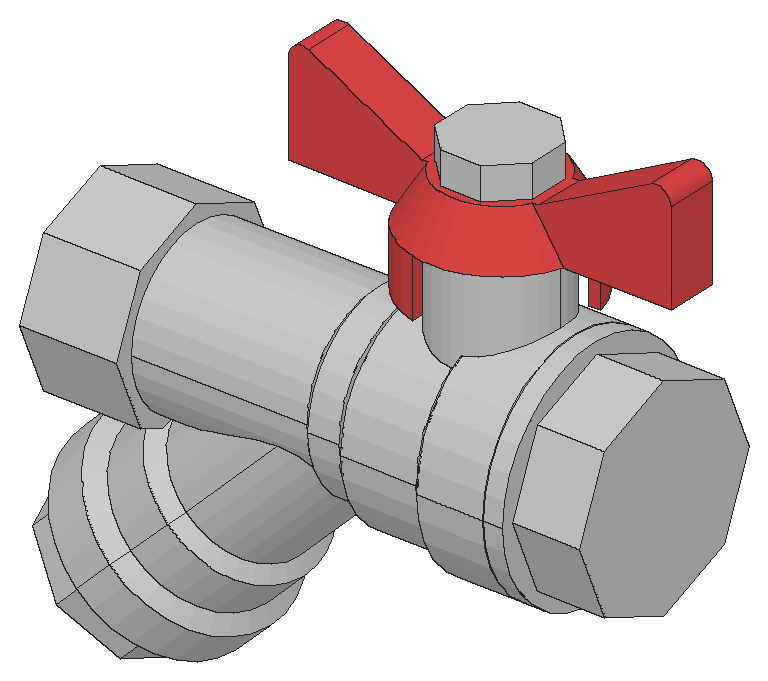
Revit family "PA_Арматура трубопроводов [кран шаровой COMBI со встроенным фильтром VT.293.N]1 - VALTEC", category Арматура трубопроводов, Revit 2019
Family settings
  Размер круглого соединителя = Использовать диаметр
  Тип детали = Клапан - Вставляется
  На основе рабочей плоскости = Нет
  Всегда вертикально = Да
  При загрузке вырезать с полостями = Нет
  Общий = Нет
Parameters (values of type "VT.293.N")
  Таблица = "PA_Арматура трубопроводов [кран шаровой COMBI со встроенным фильтром VT.293.N] - VALTEC"  # constant formula
  Пользовательский [instance] = no
  Manufacturer = ""
  d9 [instance] = size_lookup(Таблица, "d9", 0 mm, d)  # 24.9 mm
  d8 [instance] = size_lookup(Таблица, "d8", 0 mm, d)  # 20.8 mm
  d7 [instance] = size_lookup(Таблица, "d7", 0 mm, d)  # 13.5 mm
  d6 [instance] = size_lookup(Таблица, "d6", 0 mm, d)  # 16.8 mm
  d5 [instance] = size_lookup(Таблица, "d5", 0 mm, d)  # 26.9 mm
  d4 [instance] = size_lookup(Таблица, "d4", 0 mm, d)  # 32.2 mm
  d3 [instance] = size_lookup(Таблица, "d3", 0 mm, d)  # 29.1 mm
  d2 [instance] = size_lookup(Таблица, "d2", 0 mm, d)  # 23 mm
  d11 [instance] = size_lookup(Таблица, "d11", 0 mm, d)  # 22.5 mm
  d10 [instance] = size_lookup(Таблица, "d10", 0 mm, d)  # 29.3 mm
  d1 [instance] = size_lookup(Таблица, "d1", 0 mm, d)  # 25.6 mm
  d [instance] = 15 mm
  c [instance] = size_lookup(Таблица, "c", 0 mm, d)  # 4.5 mm
  b7 [instance] = size_lookup(Таблица, "b7", 0 mm, d)  # 6.7 mm
  b6 [instance] = size_lookup(Таблица, "b6", 0 mm, d)  # 41.4 mm
  b5 [instance] = size_lookup(Таблица, "b5", 0 mm, d)  # 34.9 mm
  b4 [instance] = size_lookup(Таблица, "b4", 0 mm, d)  # 33.3 mm
  b3 [instance] = size_lookup(Таблица, "b3", 0 mm, d)  # 26.1 mm
  b2 [instance] = size_lookup(Таблица, "b2", 0 mm, d)  # 24.8 mm
  b1 [instance] = size_lookup(Таблица, "b1", 0 mm, d)  # 0 mm
  a9 [instance] = size_lookup(Таблица, "a9", 0 mm, d)  # 2.8 mm
  a8 [instance] = size_lookup(Таблица, "a8", 0 mm, d)  # 9.2 mm
  a7 [instance] = size_lookup(Таблица, "a7", 0 mm, d)  # 1.3 mm
  a6 [instance] = size_lookup(Таблица, "a6", 0 mm, d)  # 10.4 mm
  a5 [instance] = size_lookup(Таблица, "a5", 0 mm, d)  # 1.7 mm
  a4 [instance] = size_lookup(Таблица, "a4", 0 mm, d)  # 4.2 mm
  a3 [instance] = size_lookup(Таблица, "a3", 0 mm, d)  # 1.3 mm
  a2 [instance] = size_lookup(Таблица, "a2", 0 mm, d)  # 24.3 mm
  a10 [instance] = size_lookup(Таблица, "a10", 0 mm, d)  # 9.4 mm
  a1 [instance] = size_lookup(Таблица, "a1", 0 mm, d)  # 13.4 mm
  URL = "https://valtec.ru/"
  C [instance] = size_lookup(Таблица, "C", 0 mm, d)  # 41 mm
  B [instance] = size_lookup(Таблица, "B", 0 mm, d)  # 43 mm
  ADSK_Расход жидкости [instance] = 0.0 L/s
  ADSK_Примечание [instance] = ""
  ADSK_Потеря давления жидкости [instance] = 0.0 Pa
  ADSK_Позиция [instance] = ""
  ADSK_Обозначение [instance] = "VT.293.N"  # constant formula
  ADSK_Наименование [instance] = size_lookup(Таблица, "", "Данный типоразмер отсутствует", d)  # "Кран шаровой COMBI со встроенным фильтром"
  ADSK_Материал = Сталь, нержавеющая - VALTEC
  ADSK_Масса [instance] = size_lookup(Таблица, "Масса", 0, d)  # 0.255
  ADSK_Марка [instance] = size_lookup(Таблица, "Маркировка", "Данный типоразмер отсутствует", d)  # "VT.293.N"
  ADSK_Код изделия [instance] = size_lookup(Таблица, "Код продукта", "Данный типоразмер отсутствует", d)  # "VT.293.N.04"
  ADSK_Завод-изготовитель [instance] = "VALTEC"  # constant formula
  ADSK_Единица измерения [instance] = "шт."  # constant formula
  ADSK_URL страницы изделия = "https://valtec.ru/catalog/truboprovodnaya_armatura/sharovye_krany_specialnogo_naznacheniya/kran_sharovoj_valtec_combi_so_vstroennym_filtrom_vt293n.html"
  ADSK_URL документации изделия = "https://valtec.ru/document/technical/VT.292-293-0519.pdf"
  A [instance] = size_lookup(Таблица, "A", 0 mm, d)  # 78 mm
Reference planes
  plane 1 "По центру (Вперед/Назад)": y = 0
  plane 2: z = 0
  plane 3 "По центру (Влево/Вправо)": x = 0
  plane 4: x = -39
  plane 5: x = 39
  plane 6: y = -43
  plane 7: z = 41
  plane 8: x = -25.6
  plane 9: x = -1.3
  plane 10: x = 0
  plane 11: x = 4.2
  plane 12: x = 5.9
  plane 13: x = 16.3
  plane 14: x = 17.6
  plane 15: x = 26.8
  plane 16: x = 29.6
  plane 17: z = 26.2
  plane 18: z = 32.7
  plane 19: z = -43
Forms (mm)
  Extrusion 1, solid, material "Сталь, нержавеющая - VALTEC" <- "ADSK_Материал", detail levels medium+fine
    sketch origin (0, 0, 0) x (0, 1, 0) y (0, 0, 1)
      loop
        circle (0, 0) r 11.5
    from -25.6 to -1.3
  Blend 2, solid, material "Сталь, нержавеющая - VALTEC" <- "ADSK_Материал", detail levels medium+fine
    base sketch origin (0, 0, 0) x (0, 1, 0) y (0, 0, 1)
      loop
        circle (0, 0) r 11.5
    top sketch origin (0, 0, 0) x (0, 1, 0) y (0, 0, 1)
      loop
        circle (0, 0) r 12.8
    from -1.3 to 0
  Extrusion 3, solid, material "Сталь, нержавеющая - VALTEC" <- "ADSK_Материал", detail levels medium+fine
    sketch origin (0, 0, 0) x (0, 1, 0) y (0, 0, 1)
      loop
        circle (0, 0) r 12.8
    from 0 to 4.2
  Blend 4, solid, material "Сталь, нержавеющая - VALTEC" <- "ADSK_Материал", detail levels medium+fine
    base sketch origin (0, 0, 0) x (0, 1, 0) y (0, 0, 1)
      loop
        circle (0, 0) r 12.8
    top sketch origin (0, 0, 0) x (0, 1, 0) y (0, 0, 1)
      loop
        circle (0, 0) r 14.55
    from 4.2 to 5.9
  Extrusion 5, solid, material "Сталь, нержавеющая - VALTEC" <- "ADSK_Материал", detail levels medium+fine
    sketch origin (0, 0, 0) x (0, 1, 0) y (0, 0, 1)
      loop
        circle (0, 0) r 14.55
    from 5.9 to 16.3
  Blend 6, solid, material "Сталь, нержавеющая - VALTEC" <- "ADSK_Материал", detail levels medium+fine
    base sketch origin (0, 0, 0) x (0, 1, 0) y (0, 0, 1)
      loop
        circle (0, 0) r 14.55
    top sketch origin (0, 0, 0) x (0, 1, 0) y (0, 0, 1)
      loop
        circle (0, 0) r 16.1
    from 16.3 to 17.6
  Extrusion 7, solid, material "Сталь, нержавеющая - VALTEC" <- "ADSK_Материал", detail levels medium+fine
    sketch origin (0, 0, 0) x (0, 1, 0) y (0, 0, 1)
      loop
        circle (0, 0) r 16.1
    from 17.6 to 26.8
  Extrusion 8, solid, material "Сталь, нержавеющая - VALTEC" <- "ADSK_Материал", detail levels medium+fine
    sketch origin (0, 0, 0) x (0, 1, 0) y (0, 0, 1)
      loop
        circle (0, 0) r 16.1
    from 26.8 to 29.6
  Extrusion 9, solid, material "Сталь, нержавеющая - VALTEC" <- "ADSK_Материал", detail levels medium+fine
    sketch origin (0, 0, 0) x (1, 0, 0) y (0, 1, 0)
      loop
        circle (16.3, 0) r 8.4
    from 0 to 26.2
  Extrusion 10, solid, material "Сталь, нержавеющая - VALTEC" <- "ADSK_Материал", detail levels medium+fine
    sketch origin (-1.3, 0, 0) x (0, -1, 0) y (-0.707107, 0, 0.707107)
      loop
        circle (0, 0) r 10.4
    from 0 <- "b1" to 24.8 <- "b2"
  Blend 11, solid, material "Сталь, нержавеющая - VALTEC" <- "ADSK_Материал", detail levels medium+fine
    base sketch origin (-1.3, 0, 0) x (0, -1, 0) y (-0.707107, 0, 0.707107)
      loop
        circle (0, 0) r 10.4
    top sketch origin (-1.3, 0, 0) x (0, -1, 0) y (-0.707107, 0, 0.707107)
      loop
        circle (0, 0) r 12.45
    from 24.8 <- "b2" to 26.1 <- "b3"
  Extrusion 12, solid, material "Сталь, нержавеющая - VALTEC" <- "ADSK_Материал", detail levels medium+fine
    sketch origin (-1.3, 0, 0) x (0, -1, 0) y (-0.707107, 0, 0.707107)
      loop
        circle (0, 0) r 12.45
    from 26.1 <- "b3" to 33.3 <- "b4"
  Blend 13, solid, material "Сталь, нержавеющая - VALTEC" <- "ADSK_Материал", detail levels medium+fine
    base sketch origin (-1.3, 0, 0) x (0, -1, 0) y (-0.707107, 0, 0.707107)
      loop
        circle (0, 0) r 12.45
    top sketch origin (-1.3, 0, 0) x (0, -1, 0) y (-0.707107, 0, 0.707107)
      loop
        circle (0, 0) r 14.65
    from 33.3 <- "b4" to 34.9 <- "b5"
  Extrusion 14, solid, material "Сталь, нержавеющая - VALTEC" <- "ADSK_Материал", detail levels medium+fine
    sketch origin (-1.3, 0, 0) x (0, -1, 0) y (-0.707107, 0, 0.707107)
      loop
        circle (0, 0) r 14.65
    from 34.9 <- "b5" to 41.4 <- "b6"
Cuts and joins
  joined: Extrusion 1, Blend 2, Extrusion 3, Blend 4, Extrusion 5, Blend 6, Extrusion 7, Extrusion 9
  joined: Extrusion 10, Blend 11, Extrusion 12, Blend 13, Extrusion 14
Lines and regions (mm)
  reference lines
    curve 1: line (0, 0, 1.3) -> (-1.3, 0, 0)
    curve 11: line (-39, 0, 0) -> (39, 0, 0)
  model lines, detail levels coarse
    curve 2: line (39, 0, -15) -> (39, 0, 15)
    curve 3: line (0, 0, -15) -> (0, 0, 15)
    curve 4: line (-39, 0, -15) -> (-39, 0, 15)
    curve 5: line (39, 0, -15) -> (0, 0, 15)
    curve 6: line (0, 0, -15) -> (39, 0, 15)
    curve 7: line (-39, 0, 0) -> (0, 0, 0)
    curve 8: line (-47.25, 0, -24.041) -> (-23.936, 0, -42.92)
    curve 9: line (-35.593, 0, -33.48) -> (-8.481, 0, 0)
    curve 10: line (-39, 0, 0) -> (0, 0, 0)
  symbolic lines, detail levels coarse
    curve 12: line (-8.4, 0, 0) -> (-34.886, -34.09, 0)
    curve 13: line (-23.418, -43, 0) -> (-47.108, -24.594, 0)
    curve 14: line (0, 15.301, 0) -> (39, -15, 0)
    curve 15: line (39, -15, 0) -> (39, 15, 0)
    curve 16: line (0, -15, 0) -> (0, 15.301, 0)
    curve 17: line (-39, -15, 0) -> (-39, 15, 0)
    curve 18: line (0, -15, 0) -> (39, 15, 0)
Dimensions and locks
  equal spacing: plane 4, plane 3 "По центру (Влево/Вправо)", plane 5
  "A": plane 4 to plane 5
  "a1": plane 4 to plane 8
  "a2": plane 8 to plane 9
  "a3": plane 9 to plane 10
  "a4": plane 10 to plane 11
  "a5": plane 11 to plane 12
  "a6": plane 12 to plane 13
  "a7": plane 13 to plane 14
  "a8": plane 14 to plane 15
  "a9": plane 15 to plane 16
  "C": plane 7 to plane 2
  locked: plane 7 to plane 17 at 14.8
  locked: plane 18 to plane 17 at 6.5
  "B": plane 2 to plane 19
  equal spacing: curve 4, plane 2, curve 4
  locked: curve 4 to curve 4 at 30
  equal spacing: curve 5, level, curve 6
  locked: curve 5 to curve 6 at 30
  equal spacing: curve 5, plane 2, curve 6
  curve 6 to curve 5 = 30 mm
  "B": plane 1 "По центру (Вперед/Назад)" to plane 6
  "d2": diameter of Extrusion 1 sketch curve
  "d2": diameter of Blend 2 sketch curve
  "d1": diameter of Blend 2 sketch curve
  "d1": diameter of Extrusion 3 sketch curve
  "d1": diameter of Blend 4 sketch curve
  "d3": diameter of Blend 4 sketch curve
  "d3": diameter of Extrusion 5 sketch curve
  "d3": diameter of Blend 6 sketch curve
  "d4": diameter of Blend 6 sketch curve
  "d4": diameter of Extrusion 7 sketch curve
  "d4": diameter of Extrusion 8 sketch curve
  "d6": diameter of Extrusion 9 sketch curve
  "d8": diameter of Extrusion 10 sketch curve
  "d8": diameter of Blend 11 sketch curve
  "d9": diameter of Blend 11 sketch curve
  "d9": diameter of Extrusion 12 sketch curve
  "d9": diameter of Blend 13 sketch curve
  "d10": diameter of Blend 13 sketch curve
  "d10": diameter of Extrusion 14 sketch curve
  aligned and locked: level to plane 2
  aligned and locked: plane 1 "По центру (Вперед/Назад)" to nested 1
  aligned and locked: nested 1 to plane 4
  aligned and locked: plane 2 to Extrusion 1 sketch curve
  aligned and locked: plane 1 "По центру (Вперед/Назад)" to Extrusion 1 sketch curve
  aligned and locked: plane 2 to Blend 2 sketch curve  (x2)
  aligned and locked: plane 1 "По центру (Вперед/Назад)" to Blend 2 sketch curve  (x2)
  aligned and locked: Extrusion 1 to plane 8
  aligned and locked: plane 9 to Extrusion 1
  aligned and locked: Blend 2 to plane 9
  aligned and locked: plane 10 to Blend 2
  aligned and locked: plane 2 to Extrusion 3 sketch curve
  aligned and locked: plane 1 "По центру (Вперед/Назад)" to Extrusion 3 sketch curve
  aligned and locked: plane 2 to Blend 4 sketch curve  (x2)
  aligned and locked: plane 1 "По центру (Вперед/Назад)" to Blend 4 sketch curve  (x2)
  aligned and locked: Extrusion 3 to plane 10
  aligned and locked: plane 11 to Extrusion 3
  aligned and locked: Blend 4 to plane 11
  aligned and locked: plane 12 to Blend 4
  aligned and locked: plane 2 to Extrusion 5 sketch curve
  aligned and locked: plane 1 "По центру (Вперед/Назад)" to Extrusion 5 sketch curve
  aligned and locked: Extrusion 5 to plane 12
  aligned and locked: plane 13 to Extrusion 5
  aligned and locked: plane 2 to Blend 6 sketch curve  (x2)
  aligned and locked: plane 1 "По центру (Вперед/Назад)" to Blend 6 sketch curve  (x2)
  aligned and locked: Blend 6 to plane 13
  aligned and locked: plane 14 to Blend 6
  aligned and locked: plane 2 to Extrusion 7 sketch curve
  aligned and locked: plane 1 "По центру (Вперед/Назад)" to Extrusion 7 sketch curve
  aligned and locked: Extrusion 7 to plane 14
  aligned and locked: plane 15 to Extrusion 7
  aligned and locked: plane 2 to Extrusion 8 sketch curve
  aligned and locked: plane 1 "По центру (Вперед/Назад)" to Extrusion 8 sketch curve
  aligned and locked: Extrusion 8 to plane 15
  aligned and locked: plane 16 to Extrusion 8
  aligned and locked: plane 1 "По центру (Вперед/Назад)" to nested 2
  aligned and locked: nested 2 to plane 16
  aligned and locked: nested 3 to plane 13
  aligned and locked: plane 1 "По центру (Вперед/Назад)" to nested 3
  aligned and locked: plane 1 "По центру (Вперед/Назад)" to Extrusion 9 sketch curve
  aligned and locked: plane 13 to Extrusion 9 sketch curve
  aligned and locked: plane 17 to nested 3
  aligned and locked: Extrusion 9 to plane 2
  aligned and locked: plane 17 to Extrusion 9
  aligned and locked: plane 1 "По центру (Вперед/Назад)" to nested 4
  aligned and locked: plane 13 to nested 4
  aligned and locked: nested 4 to plane 18
  aligned and locked: plane 2 to curve 1
  aligned and locked: plane 9 to curve 1
  aligned and locked: nested 5 to curve 1
  aligned and locked: curve 1 to nested 5
  aligned and locked: curve 2 to plane 5
  aligned and locked: plane 4 to curve 4
  aligned and locked: plane 3 "По центру (Влево/Вправо)" to curve 3
  aligned and locked: curve 7 to level
  aligned and locked: plane 1 "По центру (Вперед/Назад)" to curve 10
  aligned and locked: plane 5 to curve 11
  aligned and locked: plane 4 to curve 11
  aligned and locked: plane 1 "По центру (Вперед/Назад)" to curve 11
  aligned and locked: curve 15 to plane 5
  aligned and locked: plane 10 to curve 16
  aligned and locked: plane 4 to curve 17
Automatic sketch dimensions
  plane 1 "По центру (Вперед/Назад)" to Extrusion 10 sketch curve = 0 mm
  plane 1 "По центру (Вперед/Назад)" to Blend 11 sketch curve = 0 mm  (x2)
  plane 1 "По центру (Вперед/Назад)" to Extrusion 12 sketch curve = 0 mm
  plane 1 "По центру (Вперед/Назад)" to Blend 13 sketch curve = 0 mm  (x2)
  plane 1 "По центру (Вперед/Назад)" to Extrusion 14 sketch curve = 0 mm
  curve 1 to plane 3 "По центру (Влево/Вправо)" = 0 mm
  level to curve 1 = 1.3 mm
  curve 8 to plane 4 = 8.25 mm
  plane 4 to curve 9 = 3.407 mm
  plane 19 to curve 8 = 0.08 mm
  plane 8 to curve 8 = 1.664 mm
  curve 9 to plane 9 = 7.181 mm
  curve 13 to plane 6 = 0 mm
  plane 1 "По центру (Вперед/Назад)" to curve 14 = 15 mm
  plane 1 "По центру (Вперед/Назад)" to curve 18 = 15 mm
  curve 15 to plane 1 "По центру (Вперед/Назад)" = 15 mm
  curve 13 to plane 4 = 8.108 mm
  plane 4 to curve 12 = 4.114 mm
  plane 8 to curve 13 = 2.182 mm
  curve 12 to plane 9 = 7.1 mm
  curve 13 to curve 17 = 9.594 mm
  curve 10 to curve 17 = 15 mm
  curve 10 to curve 16 = 15.301 mm
Nested families
  nested 1: "Гайка - горизонталь" at (-32.3, 0, 0), d <- "d1", l <- "a1", ADSK_Материал <- "ADSK_Материал", type "Гайка - горизонталь", detail levels medium+fine
    with l 13.4 mm, d 25.6 mm, ADSK_Материал Сталь, нержавеющая - VALTEC
  nested 2: "Гайка - горизонталь" at (34.3, 0, 0), d <- "d5", l <- "a10", ADSK_Материал <- "ADSK_Материал", type "Гайка - горизонталь", detail levels medium+fine
    with l 9.4 mm, d 26.9 mm, ADSK_Материал Сталь, нержавеющая - VALTEC
  nested 3: "Бабочка VALTEC" at (16.3, 0, 26.2), type "Ручка", detail levels medium+fine
    with r 2 mm, l2 9.2 mm, l1 53 mm, h3 8 mm, h2 6.5 mm, h1 14.8 mm, d4 28 mm, d3 20.9 mm, d2 24 mm, d1 16.1 mm, d 15 mm, b2 3.1 mm, b1 7 mm
  nested 4: "Гайка - вертикаль" at (16.3, 0, 32.7) x (0.3827, 0.9239, 0) z (0, 0, 1), ADSK_Материал <- "ADSK_Материал", d <- "d7", h <- "c", type "Гайка - вертикаль", detail levels medium+fine
    with h 4.5 mm, d 13.5 mm, ADSK_Материал Сталь, нержавеющая - VALTEC
  nested 5: "Гайка - вертикаль" at (-30.574, 0, -29.274) x (0, -1, 0) z (-0.7071, 0, -0.7071), h <- "b7", ADSK_Материал <- "ADSK_Материал", d <- "d11", type "Гайка - вертикаль", detail levels medium+fine
    with h 6.7 mm, d 22.5 mm, ADSK_Материал Сталь, нержавеющая - VALTEC
Connectors
  piping at (-39, 0, 0), diameter 15, driven by "d", driven by "ADSK_Расход жидкости", driven by "ADSK_Потеря давления жидкости"
    settings: on curve 11, index 1, connector inside diameter 609.6 mm, connector length 0 mm, flow factor 0, pipe flow 0.0 L/s, pressure drop 0.0 Pa, fitting loss kfactor 0, connector angle 0.00°, fixture units 0, engagement length 0 mm, angle of deflection 0.00°, flow configuration 0, flow direction 0, fitting loss method 4, system type 29, joint type 0, gender type 0, connector reference index 2, connector utility 0, adjustable connector no, is connector primary yes, connector description ""
  piping at (39, 0, 0), diameter 15, driven by "d", driven by "ADSK_Расход жидкости"
    settings: on curve 11, index 2, connector inside diameter 609.6 mm, connector length 0 mm, flow factor 0, pipe flow 0.0 L/s, pressure drop 0.0 Pa, fitting loss kfactor 0, connector angle 0.00°, fixture units 0, engagement length 0 mm, angle of deflection 0.00°, flow configuration 0, flow direction 0, fitting loss method 0, system type 29, joint type 0, gender type 0, connector reference index 1, connector utility 0, adjustable connector no, is connector primary no, connector description ""
Definition of nested family "Гайка - горизонталь"
  Parameters (values of type "Гайка - горизонталь")
    d [instance] = 588.881 mm
    l [instance] = 637.4 mm
    ADSK_Материал [instance] = none
  Reference planes
    plane 1 "По центру (Вперед/Назад)": y = 0
    plane 2: z = 0
    plane 3 "По центру (Влево/Вправо)": x = 0
    plane 4: y = 318.7
    plane 5: y = -318.7
    plane 6: through (0, -912.519, 2972.425) normal (0, -0.9239, -0.3827)
    plane 7: through (0, -1234.338, 2979.956) normal (0, -0.9239, -0.3827)
    plane 8: through (0, -1556.157, 2987.486) normal (0, -0.9239, -0.3827)
    plane 9: through (0, 1234.338, 2979.956) normal (0, -0.9239, 0.3827)
    plane 10: through (0, -2420.114, 1321.144) normal (0, -0.3827, -0.9239)
    plane 11: through (0, -2532.792, 1049.117) normal (0, -0.3827, -0.9239)
    plane 12: through (0, -2645.469, 777.089) normal (0, -0.3827, -0.9239)
    plane 13: through (0, 2420.114, 1321.144) normal (0, -0.3827, 0.9239)
    plane 14: through (0, 2532.792, 1049.117) normal (0, -0.3827, 0.9239)
    plane 15: through (0, 2645.469, 777.089) normal (0, -0.3827, 0.9239)
    plane 16: through (0, 912.519, 2972.425) normal (0, -0.9239, 0.3827)
    plane 17: through (0, 1234.338, 2979.956) normal (0, -0.9239, 0.3827)
    plane 18: through (0, 1556.157, 2987.486) normal (0, -0.9239, 0.3827)
    plane 19: x = 318.7
    plane 20: x = -318.7
  Forms (mm)
    Extrusion 1, solid, material <- "ADSK_Материал"
      sketch origin (0, 0, 0) x (0, 1, 0) y (0, 0, 1)
        loop
          line (0, 318.7) -> (-225.355, 225.355) -> (-318.7, 0) -> (-225.355, -225.355) -> (0, -318.7) -> (225.355, -225.355) -> (318.7, 0) -> (225.355, 225.355) -> (0, 318.7)
      from -318.7 to 318.7
  Lines and regions (mm)
    reference lines
      curve 1: line (0, -112.677, -272.027) -> (0, 112.677, 272.027)
      curve 2: line (0, -272.027, 112.677) -> (0, 272.027, -112.677)
  Dimensions and locks
    equal spacing: plane 4, plane 1 "По центру (Вперед/Назад)", plane 5
    locked: plane 4 to plane 5 at 637.4
    equal spacing: plane 8, plane 7, plane 6
    "d": plane 8 to plane 6
    equal spacing: plane 12, plane 11, plane 10
    "d": plane 12 to plane 10
    equal spacing: plane 15, plane 14, plane 13
    "d": plane 15 to plane 13
    equal spacing: plane 18, plane 17, plane 16
    "d": plane 18 to plane 16
    equal spacing: plane 20, plane 3 "По центру (Влево/Вправо)", plane 19
    "l": plane 20 to plane 19
    aligned and locked: level to plane 2
    aligned and locked: plane 10 to Extrusion 1 sketch curve
    aligned and locked: plane 13 to Extrusion 1 sketch curve
    aligned and locked: plane 16 to Extrusion 1 sketch curve
    aligned and locked: Extrusion 1 sketch curve to plane 8
    aligned and locked: Extrusion 1 sketch curve to plane 12
    aligned and locked: Extrusion 1 sketch curve to plane 15
    aligned and locked: Extrusion 1 sketch curve to plane 18
    aligned and locked: plane 6 to Extrusion 1 sketch curve
    aligned and locked: plane 19 to Extrusion 1
    aligned and locked: plane 20 to Extrusion 1
    aligned and locked: Extrusion 1 to plane 19
    aligned and locked: plane 16 to curve 2
    aligned and locked: plane 18 to curve 2
    aligned and locked: curve 2 to plane 11
    aligned and locked: plane 12 to curve 1
    aligned and locked: plane 10 to curve 1
    aligned and locked: curve 1 to plane 17
Definition of nested family "Бабочка VALTEC"
  Parameters (values of type "Ручка")
    Таблица = "Бабочка VALTEC"  # constant formula
    Manufacturer = "VALTEC"  # constant formula
    r [instance] = size_lookup(Таблица, "r", 0 mm, d)  # 2 mm
    l2 [instance] = size_lookup(Таблица, "l2", 0 mm, d)  # 9.2 mm
    l1 [instance] = size_lookup(Таблица, "l1", 0 mm, d)  # 53 mm
    h3 [instance] = size_lookup(Таблица, "h3", 0 mm, d)  # 8 mm
    h2 [instance] = size_lookup(Таблица, "h2", 0 mm, d)  # 6.5 mm
    h1 [instance] = size_lookup(Таблица, "h1", 0 mm, d)  # 14.8 mm
    d4 [instance] = size_lookup(Таблица, "d4", 0 mm, d)  # 28 mm
    d3 [instance] = size_lookup(Таблица, "d3", 0 mm, d)  # 20.9 mm
    d2 [instance] = size_lookup(Таблица, "d2", 0 mm, d)  # 24 mm
    d1 [instance] = size_lookup(Таблица, "d1", 0 mm, d)  # 16.1 mm
    d [instance] = 15 mm
    b2 [instance] = size_lookup(Таблица, "b2", 0 mm, d)  # 3.1 mm
    b1 [instance] = size_lookup(Таблица, "b1", 0 mm, d)  # 7 mm
    URL = "https://valtec.ru/"
    ADSK_Материал = none
    ADSK_URL страницы изделия = ""
    ADSK_URL документации изделия = ""
  Reference planes
    plane 1 "По центру (Вперед/Назад)": y = 0
    plane 2: z = 0
    plane 3 "По центру (Влево/Вправо)": x = 0
    plane 4: z = 6.5
    plane 5: z = 14.8
    plane 6: z = -8
    plane 7: y = 3.5
    plane 8: y = -3.5
    plane 9: x = -26.5
    plane 10: x = 26.5
    plane 11: x = -8.05
    plane 12: x = 8.05
    plane 13: x = -2.8
    plane 14: x = -12
    plane 15: x = 12
    plane 16: x = 2.8
    plane 17: y = -14
    plane 18: y = 14
    plane 19: y = 12
    plane 20: y = -12
    plane 21: y = 2.8
    plane 22: y = -2.8
  Forms (mm)
    Blend 1, solid, material <- "ADSK_Материал"
      base sketch origin (0, 0, 0) x (1, 0, 0) y (0, 1, 0)
        loop
          circle (0, 0) r 8.05
      top sketch origin (0, 0, 0) x (1, 0, 0) y (0, 1, 0)
        loop
          circle (0, 0) r 12
      from 6.5 to 0
    Extrusion 2, solid, material <- "ADSK_Материал"
      sketch origin (0, 0, 0) x (1, 0, 0) y (0, 0, 1)
        loop
          line (26.5, 0) -> (26.5, 12.8)
          arc (26.5, 12.8) -> (25.586, 14.479) -> (23.679, 14.624) r 2
          line (23.679, 14.624) -> (8.05, 6.5) -> (-8.05, 6.5) -> (-23.679, 14.624)
          arc (-23.679, 14.624) -> (-25.586, 14.479) -> (-26.5, 12.8) r 2
          line (-26.5, 12.8) -> (-26.5, 0) -> (26.5, 0)
      from -3.5 to 3.5
    Extrusion 3, solid, material <- "ADSK_Материал"
      sketch origin (0, 0, 0) x (1, 0, 0) y (0, 1, 0)
        loop
          circle (0, 0) r 12
        loop
          circle (0, 0) r 10.45
      from -8 to 0
    Extrusion 4, void
      sketch origin (0, 0, 0) x (1, 0, 0) y (0, 1, 0)
        loop
          line (-2.8, 2.8) -> (-2.8, -14) -> (12, -14) -> (12, 2.8) -> (-2.8, 2.8)
      from -8 to 0
    Extrusion 5, void
      sketch origin (0, 0, 0) x (1, 0, 0) y (0, 1, 0)
        loop
          line (-12, 14) -> (-12, -2.8) -> (2.8, -2.8) -> (2.8, 14) -> (-12, 14)
      from -8 to 0
  Cuts and joins
    Extrusion 4 cuts Blend 1
    Extrusion 4, Extrusion 5 cuts Extrusion 2
    Extrusion 4, Extrusion 5 cuts Extrusion 3
    joined: Blend 1, Extrusion 2, Extrusion 3
  Lines and regions (mm)
    reference lines
      curve 1: line (0, 14, 0) -> (0, 0, 0)
      curve 2: line (0, 0, 0) -> (26.5, 0, 0)
  Dimensions and locks
    "h2": plane 4 to plane 2
    "h1": plane 5 to plane 2
    "h3": plane 2 to plane 6
    equal spacing: plane 7, plane 1 "По центру (Вперед/Назад)", plane 8
    "b1": plane 7 to plane 8
    equal spacing: plane 10, plane 3 "По центру (Влево/Вправо)", plane 9
    "l1": plane 10 to plane 9
    equal spacing: plane 12, plane 3 "По центру (Влево/Вправо)", plane 11
    "d1": plane 12 to plane 11
    "r": plane 5 to Extrusion 2 sketch curve  (x2)
    equal spacing: plane 15, plane 3 "По центру (Влево/Вправо)", plane 14
    "d2": plane 15 to plane 14
    "l2": plane 13 to plane 14
    "l2": plane 15 to plane 16
    equal spacing: plane 18, plane 1 "По центру (Вперед/Назад)", plane 17
    "d4": plane 18 to plane 17
    equal spacing: plane 19, plane 1 "По центру (Вперед/Назад)", plane 20
    "d2": plane 19 to plane 20
    "l2": plane 19 to plane 21
    "l2": plane 22 to plane 20
    "d1": diameter of Blend 1 sketch curve
    "d2": diameter of Blend 1 sketch curve
    "r": radius of Extrusion 2 sketch curve  (x2)
    "d2": diameter of Extrusion 3 sketch curve
    "d3": diameter of Extrusion 3 sketch curve
    aligned and locked: level to plane 2
    aligned and locked: plane 1 "По центру (Вперед/Назад)" to Blend 1 sketch curve  (x2)
    aligned and locked: plane 3 "По центру (Влево/Вправо)" to Blend 1 sketch curve  (x2)
    aligned and locked: plane 4 to Blend 1
    aligned and locked: Blend 1 to level
    aligned and locked: plane 9 to Extrusion 2 sketch curve
    aligned and locked: plane 11 to Extrusion 2 sketch curve
    aligned and locked: plane 4 to Extrusion 2 sketch curve
    aligned and locked: level to Extrusion 2 sketch curve
    aligned and locked: Extrusion 2 sketch curve to plane 10
    aligned and locked: plane 12 to Extrusion 2 sketch curve
    aligned and locked: Extrusion 2 sketch curve to Blend 1
    aligned and locked: Extrusion 2 to plane 7
    aligned and locked: Extrusion 2 to plane 8
    aligned and locked: plane 1 "По центру (Вперед/Назад)" to Extrusion 3 sketch curve  (x2)
    aligned and locked: plane 3 "По центру (Влево/Вправо)" to Extrusion 3 sketch curve  (x2)
    aligned and locked: level to Extrusion 3
    aligned and locked: Extrusion 3 to plane 6
    aligned and locked: plane 13 to Extrusion 4 sketch curve
    aligned and locked: plane 17 to Extrusion 4 sketch curve
    aligned and locked: level to cut or joined group of Blend 1, Extrusion 2, Extrusion 3, Extrusion 4, Extrusion 5
    aligned and locked: cut or joined group of Blend 1, Extrusion 2, Extrusion 3, Extrusion 4, Extrusion 5 to plane 6
    aligned and locked: curve 1 to plane 3 "По центру (Влево/Вправо)"
    aligned and locked: plane 1 "По центру (Вперед/Назад)" to curve 2
    aligned and locked: plane 10 to curve 2
    aligned and locked: plane 18 to curve 1
    aligned and locked: plane 21 to Extrusion 4 sketch curve
    aligned and locked: plane 18 to Extrusion 5 sketch curve
    aligned and locked: plane 14 to Extrusion 5 sketch curve
    aligned and locked: Extrusion 5 sketch curve to plane 22
    aligned and locked: plane 16 to Extrusion 5
  Automatic sketch dimensions
    Extrusion 2 sketch curve to plane 5 = 0.176 mm  (x2)
    Extrusion 4 sketch curve to plane 15 = 0 mm
    plane 3 "По центру (Влево/Вправо)" to Extrusion 5 sketch curve = 2.8 mm
Definition of nested family "Гайка - вертикаль"
  Parameters (values of type "Гайка - вертикаль")
    Default Elevation = 1219.2 mm
    h [instance] = 7.5 mm
    d [instance] = 11.918 mm
    ADSK_Материал [instance] = none
  Reference planes
    plane 1 "По центру (Вперед/Назад)": y = 0
    plane 2: z = 0
    plane 3 "По центру (Влево/Вправо)": x = 0
    plane 4: x = -6.45
    plane 5: x = 6.45
    plane 6: through (737.894, 1797.006, 1200) normal (0.9239, -0.3827, 0)
    plane 7: through (765.367, 1847.759, 1200) normal (0.9239, -0.3827, 0)
    plane 8: through (792.839, 1898.512, 1200) normal (0.9239, -0.3827, 0)
    plane 9: through (-737.894, 1797.006, 1200) normal (0.9239, 0.3827, 0)
    plane 10: through (-765.367, 1847.759, 1200) normal (0.9239, 0.3827, 0)
    plane 11: through (-792.839, 1898.512, 1200) normal (0.9239, 0.3827, 0)
    plane 12: through (1845.479, 770.872, 1200) normal (0.3827, -0.9239, 0)
    plane 13: through (1847.759, 765.367, 1200) normal (0.3827, -0.9239, 0)
    plane 14: through (1850.039, 759.861, 1200) normal (0.3827, -0.9239, 0)
    plane 15: through (-1845.479, 770.872, 1200) normal (0.3827, 0.9239, 0)
    plane 16: through (-1847.759, 765.367, 1200) normal (0.3827, 0.9239, 0)
    plane 17: through (-1850.039, 759.861, 1200) normal (0.3827, 0.9239, 0)
    plane 18: z = 7.5
  Forms (mm)
    Extrusion 1, solid, material <- "ADSK_Материал"
      sketch origin (0, 0, 0) x (1, 0, 0) y (0, 1, 0)
        loop
          line (0, 6.45) -> (-4.561, 4.561) -> (-6.45, 0) -> (-4.561, -4.561) -> (0, -6.45) -> (4.561, -4.561) -> (6.45, 0) -> (4.561, 4.561) -> (0, 6.45)
      from 0 to 7.5
  Lines and regions (mm)
    reference lines
      curve 1: line (-5.505, -2.28, 0) -> (5.505, 2.28, 0)
      curve 2: line (-2.28, 5.505, 0) -> (2.28, -5.505, 0)
      curve 3: line (0, 0, 7.5) -> (0, 0, 0)
  Dimensions and locks
    equal spacing: plane 4, plane 3 "По центру (Влево/Вправо)", plane 5
    locked: plane 4 to plane 5 at 12.9
    equal spacing: plane 6, plane 7, plane 8
    "d": plane 6 to plane 8
    equal spacing: plane 9, plane 10, plane 11
    "d": plane 9 to plane 11
    equal spacing: plane 12, plane 13, plane 14
    "d": plane 12 to plane 14
    equal spacing: plane 15, plane 16, plane 17
    "d": plane 15 to plane 17
    "h": plane 18 to plane 2
    aligned and locked: level to plane 2
    aligned and locked: plane 12 to Extrusion 1 sketch curve
    aligned and locked: plane 15 to Extrusion 1 sketch curve
    aligned and locked: plane 9 to Extrusion 1 sketch curve
    aligned and locked: Extrusion 1 sketch curve to plane 8
    aligned and locked: Extrusion 1 sketch curve to plane 14
    aligned and locked: Extrusion 1 sketch curve to plane 17
    aligned and locked: Extrusion 1 sketch curve to plane 11
    aligned and locked: plane 6 to Extrusion 1 sketch curve
    aligned and locked: plane 18 to Extrusion 1
    aligned and locked: plane 12 to curve 2
    aligned and locked: plane 14 to curve 2
    aligned and locked: plane 9 to curve 1
    aligned and locked: plane 11 to curve 1
    aligned and locked: curve 1 to plane 13
    aligned and locked: curve 2 to plane 10
    aligned and locked: level to curve 3
    aligned and locked: plane 18 to curve 3
    aligned and locked: curve 3 to plane 3 "По центру (Влево/Вправо)"
